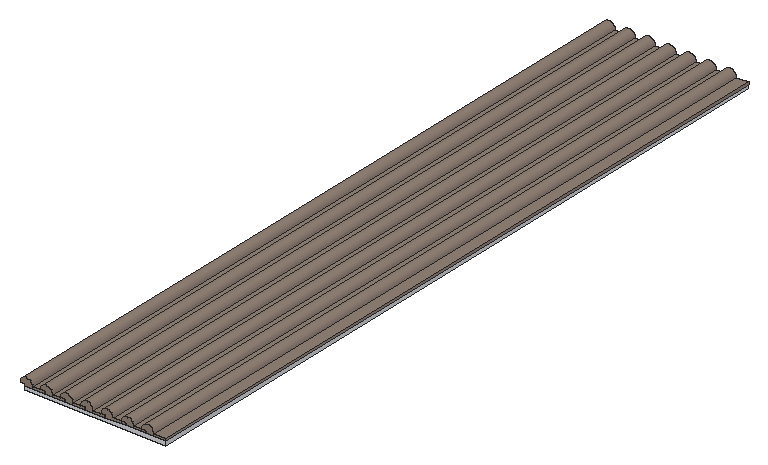
Revit family "Tambour Ellis 18  x 90", category Generic Models, host Face, Revit 2023
Family settings
  Host = Face
  Can host rebar = No
  Round Connector Dimension = Use Diameter
  Part Type = Normal
  Cut with Voids When Loaded = No
  Maintain Annotation Orientation = No
  Shared = No
  Room Calculation Point = No
Parameters (values of type "Tambour Ellis - 18 X 90 - WALNUT")
  Tambour Material = Cambio Wood Veneer - Walnut
  Default Elevation = 4' - 0"
Types (7): name | Tambour Material
  (no name) | Cambio Wood Veneer - Walnut
  Tambour Ellis - 18 X 90 - OAK | Cambio Wood Veneer - Oak
  Tambour Ellis - 18 X 90 - WALNUT | Cambio Wood Veneer - Walnut
  Tambour Ellis - 18 X 90 - SW MATTE BLACK | Cambio Color Block - Tricorn Black
  Tambour Ellis - 18 X 90 - SW MATTE WHITE | Cambio Color Block - White Flour
  Tambour Ellis - 18 X 90 - SW MATTE GRAY | Cambio Color Block - Serious Gray
  Tambour Ellis - 18 X 90 - SW MATTE LIGHT GRAY | Cambio Color Block - Morning Fog
Reference planes (in)
  plane 1 "Center (Front/Back)": y = 0
  plane 2: z = 0
  plane 3 "Center (Left/Right)": x = 0
Dimensions and locks (in)
  aligned and locked: plane 2 to host face
  aligned and locked: level to host face
Nested families (in)
  nested 1: "17.5 x 90 Substrate" at (0, 0, 0), type "17.5 x 90 Substrate"
  nested 2: "Tambour Ellis Stick" at (-8.5, 0, 0.47244), type "TAMBOUR .75 X 90" - OAK"
  nested 3: "Tambour Ellis Stick" at (-6, 0, 0.47244), type "TAMBOUR .75 X 90" - OAK"
  nested 4: "Tambour Ellis Stick" at (-3.5, 0, 0.47244), type "TAMBOUR .75 X 90" - OAK"
  nested 5: "Tambour Ellis Stick" at (-1, 0, 0.47244), type "TAMBOUR .75 X 90" - OAK"
  nested 6: "Tambour Ellis Stick" at (1.5, 0, 0.47244), type "TAMBOUR .75 X 90" - OAK"
  nested 7: "Tambour Ellis Stick" at (4, 0, 0.47244), type "TAMBOUR .75 X 90" - OAK"
  nested 8: "Tambour Ellis Stick" at (6.5, 0, 0.47244), type "TAMBOUR .75 X 90" - OAK"
Definition of nested family "17.5 x 90 Substrate"
  Parameters (values of type "17.5 x 90 Substrate")
    Width = 1' - 5 1/2"
    Substrate Material = none
    Substrate Height = 1' - 3"
    Height = 7' - 6"
    Default Elevation = 4' - 0"
  Reference planes (in)
    plane 1 "Center (Front/Back)": y = 0
    plane 2: z = 0
    plane 3 "Center (Left/Right)": x = 0
    plane 4: x = -9
  Forms (in)
    Extrusion 1, solid
      sketch origin (0, 0, 0) x (1, 0, 0) y (0, 1, 0)
        loop
          line (-48, 48) -> (-48, -48) -> (48, -48) -> (48, 48) -> (-48, 48)
      from 0 to -12
    Extrusion 2, solid, material <- "Substrate Material"
      sketch origin (0, 0, 0) x (1, 0, 0) y (0, 1, 0)
        loop
          line (-8.5, 45) -> (-8.5, -45) -> (9, -45) -> (9, 45) -> (-8.5, 45)
      from 0 to 0.47244
  Dimensions and locks (in)
    plane 4 to plane 3 "Center (Left/Right)" to Extrusion 2 sketch curve = 0' - 9", 0' - 9"
    equal spacing: Extrusion 2 sketch curve, plane 1 "Center (Front/Back)", Extrusion 2 sketch curve
    "Height": Extrusion 2 to Extrusion 2
    "Width": Extrusion 2 to Extrusion 2
    locked: plane 4 to Extrusion 2 sketch curve at 0.5
    aligned and locked: plane 2 to Extrusion 1
    aligned and locked: level to Extrusion 1
  Automatic sketch dimensions
    Extrusion 1 sketch curve to Extrusion 1 sketch curve = 8' - 0"  (x2)
    plane 1 "Center (Front/Back)" to Extrusion 2 sketch curve = 3' - 9"
Definition of nested family "Tambour Ellis Stick"
  Parameters (values of type "TAMBOUR .75 X 18" - OAK")
    TAMBOUR MATERIAL = none
    STICK LENGTH = 1' - 6"
    Default Elevation = 4' - 0"
  Types (25): name | STICK LENGTH
    (no name) | 1' - 6"
    TAMBOUR .75 X 18" - OAK | 1' - 6"
    TAMBOUR .75 X 36" - OAK | 3' - 0"
    TAMBOUR .75 X 54" - OAK | 4' - 6"
    TAMBOUR .75 X 90" - WALNUT | 7' - 6"
    TAMBOUR .75 X 18" - WALNUT | 1' - 6"
    TAMBOUR .75 X 36" - WALNUT | 3' - 0"
    TAMBOUR .75 X 54" - WALNUT | 4' - 6"
    TAMBOUR .75 X 90" - OAK | 7' - 6"
    TAMBOUR .75 X 18" - SW MATTE BLACK | 1' - 6"
    TAMBOUR .75 X 36" - SW MATTE BLACK | 3' - 0"
    TAMBOUR .75 X 54" - SW MATTE BLACK | 4' - 6"
    TAMBOUR .75 X 90" - SW MATTE BLACK | 7' - 6"
    TAMBOUR .75 X 90" - SW MATTE GREY | 7' - 6"
    TAMBOUR .75 X 54" - SW MATTE GREY | 4' - 6"
    TAMBOUR .75 X 36" - SW MATTE GREY | 4' - 6"
    TAMBOUR .75 X 18" - SW MATTE GREY | 1' - 6"
    TAMBOUR .75 X 18" -SW MATTE LIGHT GRAY | 1' - 6"
    TAMBOUR .75 X 36" -SW MATTE LIGHT GRAY | 3' - 0"
    TAMBOUR .75 X 54" -SW MATTE LIGHT GRAY | 4' - 6"
    TAMBOUR .75 X 90" -SW MATTE LIGHT GRAY | 7' - 6"
    TAMBOUR .75 X 90" -SW MATTE WHITE | 7' - 6"
    TAMBOUR .75 X 54" -SW MATTE WHITE | 4' - 6"
    TAMBOUR .75 X 36" -SW MATTE WHITE | 3' - 0"
    TAMBOUR .75 X 18" -SW MATTE WHITE | 1' - 6"
  Reference planes (in)
    plane 1 "Center (Front/Back)": y = 0
    plane 2: z = 0
    plane 3 "Center (Left/Right)": x = 0
    plane 4: y = -9
    plane 5: y = 9
  Forms (in)
    Extrusion 1, solid
      sketch origin (0, 0, 0) x (1, 0, 0) y (0, 1, 0)
        loop
          line (-48, 48) -> (-48, -48) -> (48, -48) -> (48, 48) -> (-48, 48)
      from 0 to -12
    Extrusion 2, solid, material <- "TAMBOUR MATERIAL"
      sketch origin (0, 0, 0) x (1, 0, 0) y (0, 0, 1)
        loop
          line (0, 0) -> (2.5, 0) -> (2.5, 0.25) -> (1, 0.25)
          arc (1, 0.25) -> (0.25, 1) -> (-0.5, 0.25) r 0.75
          line (-0.5, 0.25) -> (0, 0.25) -> (0, 0)
      from -9 to 9
  Dimensions and locks (in)
    equal spacing: plane 5, plane 1 "Center (Front/Back)", plane 4
    "STICK LENGTH": plane 5 to plane 4
    aligned and locked: plane 2 to Extrusion 1
    aligned and locked: level to Extrusion 1
    aligned and locked: Extrusion 2 to plane 4
    aligned and locked: plane 5 to Extrusion 2
  Automatic sketch dimensions
    Extrusion 1 sketch curve to Extrusion 1 sketch curve = 8' - 0"  (x2)
    Extrusion 2 sketch curve to plane 3 "Center (Left/Right)" = 0' - 0"
    Extrusion 2 sketch curve to level = 0' - 0"
    Extrusion 2 sketch curve to Extrusion 2 sketch curve = 0' - 0 1/2"
    plane 3 "Center (Left/Right)" to Extrusion 2 sketch curve = 0' - 0 1/4"
    level to Extrusion 2 sketch curve = 0' - 0 1/4"
    Extrusion 2 sketch curve to Extrusion 2 sketch curve = 0' - 1 1/2"
